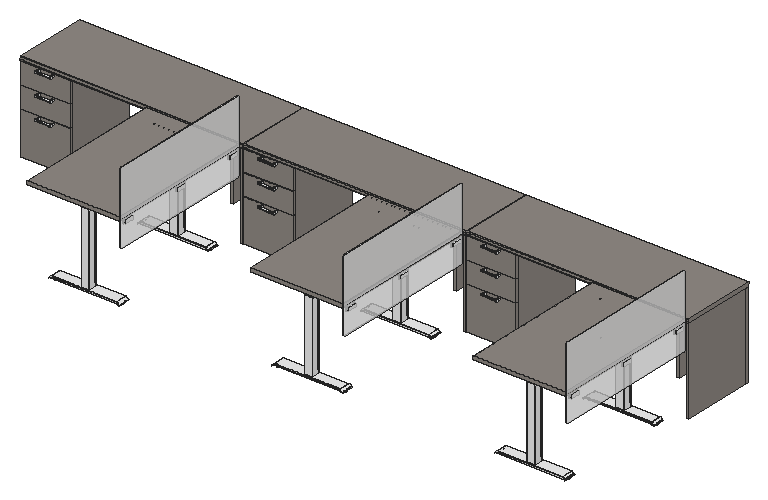
Revit family "JSI-Vision-Typical_Veneer-VST109-", category Furniture, Revit 2020
Family settings
  OmniClass Number = 23.40.20.00
  OmniClass Title = General Furniture and Specialties
  Work Plane-Based = No
  Always vertical = Yes
  Cut with Voids When Loaded = No
  Shared = No
  Room Calculation Point = No
Parameters (values of type "VST109")
  URL = "www.jsifurniture.com"
  Type Comments = "Typical Laminate"  # constant formula
  Model = "VST109"
  Manufacturer = "JSI"  # constant formula
  Keynote = "12500"
  Default Elevation = 0"
  Assembly Code = "E2020200"
Reference planes (in)
  plane 1 "Center Front/Back": y = 0
  plane 2: z = 0
  plane 3 "Center Left/Right": x = 0
Dimensions and locks (in)
  aligned and locked: level to plane 2
Nested families (in)
  nested 1: "JSI-Vision-Adjustable_Table_Standard_Range" at (-0.75, -24.75, 0) x (0, -1, 0) z (0, 0, 1), type "VSV3048AHTD-S - Adjustable Height Table Standard Range 48"W x 30"D x 30"H"
  nested 2: "JSI-Vision-Modular_Box_Box_File_Pedestal" at (-72, 0, 0), type "VSV1624MBBF, Veneer Modular BBF Ped"
    with Ped Width 15.996", Ped Height 27.996", Ped Depth 24"
  nested 3: "JSI-Vision-Modular_Wing_End_Support" at (-16, 0, 0), type "VSV1624WEAR, Wing End Sup - Right"
    with Pnl Pstn 15 1/8", L no, Depth 24"
  nested 4: "JSI-Vision-Credenza_Top" at (-72, 0, 28), type "VSV2472MCT, Veneer Credenza Top, 24" x 72""
    with Height 0", Width 72", Depth 24"
  nested 5: "JSI-Vision-Adjustable_Table_Standard_Range" at (-72.8115, -24.75, 0) x (0, -1, 0) z (0, 0, 1), type "VSV3048AHTD-S - Adjustable Height Table Standard Range 48"W x 30"D x 30"H"
  nested 6: "JSI-Vision-Modular_Box_Box_File_Pedestal" at (-144.0615, 0, 0), type "VSV1624MBBF, Veneer Modular BBF Ped"
    with Ped Width 15.996", Ped Height 27.996", Ped Depth 24"
  nested 7: "JSI-Vision-Modular_Wing_End_Support" at (-88.0615, 0, 0), type "VSV1624WEAR, Wing End Sup - Right"
    with Pnl Pstn 15 1/8", L no, Depth 24"
  nested 8: "JSI-Vision-Credenza_Top" at (-144.0615, 0, 28), type "VSV2472MCT, Veneer Credenza Top, 24" x 72""
    with Height 0", Width 72", Depth 24"
  nested 9: "JSI-Vision-Adjustable_Table_Standard_Range" at (-144.93451, -24.75, 0) x (0, -1, 0) z (0, 0, 1), type "VSV3048AHTD-S - Adjustable Height Table Standard Range 48"W x 30"D x 30"H"
  nested 10: "JSI-Vision-Modular_Box_Box_File_Pedestal" at (-216.18451, 0, 0), type "VSV1624MBBF, Veneer Modular BBF Ped"
    with Ped Width 15.996", Ped Height 27.996", Ped Depth 24"
  nested 11: "JSI-Vision-Modular_Wing_End_Support" at (-160.18451, 0, 0), type "VSV1624WEAR, Wing End Sup - Right"
    with Pnl Pstn 15 1/8", L no, Depth 24"
  nested 12: "JSI-Vision-Credenza_Top" at (-216.18451, 0, 28), type "VSV2472MCT, Veneer Credenza Top, 24" x 72""
    with Height 0", Width 72", Depth 24"
  nested 13: "JSI-Vision-Lok_Frosted_Acrylic_Privacy_Screen" at (-144.93451, -24.75, -2) x (0, -1, 0) z (0, 0, 1), type "LK-PSP-4824A, Lok Frosted Acrylic Privacy Screen - 48w x 23 3/4h"
  nested 14: "JSI-Vision-Lok_Frosted_Acrylic_Privacy_Screen" at (-72.8115, -24.75, -2) x (0, -1, 0) z (0, 0, 1), type "LK-PSP-4824A, Lok Frosted Acrylic Privacy Screen - 48w x 23 3/4h"
  nested 15: "JSI-Vision-Lok_Frosted_Acrylic_Privacy_Screen" at (-0.75, -24.75, -2) x (0, -1, 0) z (0, 0, 1), type "LK-PSP-4824A, Lok Frosted Acrylic Privacy Screen - 48w x 23 3/4h"
Definition of nested family "JSI-Vision-Adjustable_Table_Standard_Range"
  Parameters (values of type "VST3048AHTD-S - Adjustable Height Table Standard Range 48"W x 30"D x 30"H")
    Width = 48"
    Upper Leg Finish = none
    URL = "www.jsifurniture.com"
    Type Comments = ""
    Top Finish = none
    Support Finish = none
    Series = "Vision Casegoods"  # constant formula
    Low Leg Finish = none
    Model = "VST3048AHTD-S"
    Material = ""
    Manufacturer = "JSI"  # constant formula
    Keynote = "12500"  # constant formula
    JSI Enviromental Website = "http://www.jsifurniture.com/jsi_sustainability_intro.php"
    Height = 29 3/16"
    Glide Finish = none
    Feet Finish = none
    Description = "Adjustable Height Table Desk Standard Range Laminate - 30”H x 30”D x 48”W"
    Depth = 30"
    Default Elevation = 0"
    Assembly Code = "E2020200"
    Adj Post Finish = none
  Types (6): name | Width | Model | Description
    VST3072AHTD-S - Adjustable Height Table Standard Range 72"W x 30"D x 30"H | 72" | "VST3072AHTD-S" | "Adjustable Height Table Desk Standard Range Laminate - 30”H x 30”D x 72”W"
    VSV3072AHTD-S - Adjustable Height Table Standard Range 72"W x 30"D x 30"H | 72" | "VSV3072AHTD-S" | "Adjustable Height Table Desk Standard Range Veneer - 30”H x 30”D x 72”W"
    VST3060AHTD-S - Adjustable Height Table Standard Range 60"W x 30"D x 30"H | 60" | "VST3060AHTD-S" | "Adjustable Height Table Desk Standard Range Laminate - 30”H x 30”D x 60”W"
    VSV3060AHTD-S - Adjustable Height Table Standard Range 60"W x 30"D x 30"H | 60" | "VSV3060AHTD-S" | "Adjustable Height Table Desk Standard Range Veneer - 30”H x 30”D x 60”W"
    VST3048AHTD-S - Adjustable Height Table Standard Range 48"W x 30"D x 30"H | 48" | "VST3048AHTD-S" | "Adjustable Height Table Desk Standard Range Laminate - 30”H x 30”D x 48”W"
    VSV3048AHTD-S - Adjustable Height Table Standard Range 48"W x 30"D x 30"H | 48" | "VSV3048AHTD-S" | "Adjustable Height Table Desk Standard Range Veneer - 30”H x 30”D x 48”W"
  Reference planes (in)
    plane 1 "Center Front/Back": y = 0
    plane 2: z = 0
    plane 3 "Center Left/Right": x = 0
    plane 4: z = 29.1875
    plane 5: z = 28
    plane 6: x = 48
    plane 7: y = -30
    plane 8: y = -15
  Forms (in)
    Extrusion 1, solid, material <- "Top Finish"
      sketch origin (0, 0, 0) x (0, 1, 0) y (0, 0, 1)
        loop
          arc (-29.88189, 29.1875) -> (-29.96256, 29.15006) -> (-30, 29.06939) r 0.12937
          line (-30, 29.06939) -> (-30, 28.11811)
          arc (-30, 28.11811) -> (-29.96256, 28.03744) -> (-29.88189, 28) r 0.12937
          line (-29.88189, 28) -> (-29.72106, 28) -> (-0.27894, 28) -> (-0.11811, 28)
          arc (-0.11811, 28) -> (-0.03744, 28.03744) -> (0, 28.11811) r 0.12937
          line (0, 28.11811) -> (0, 29.06939)
          arc (0, 29.06939) -> (-0.03744, 29.15006) -> (-0.11811, 29.1875) r 0.12937
          line (-0.11811, 29.1875) -> (-29.88189, 29.1875)
      from 0 to 48
  Lines and regions (in)
    symbolic lines
      curve 1: line (0, 0, 0) -> (48, 0, 0)
      curve 2: line (0, -30, 0) -> (0, 0, 0)
      curve 3: line (48, -30, 0) -> (0, -30, 0)
      curve 4: line (48, 0, 0) -> (48, -30, 0)
  Dimensions and locks (in)
    "Height": plane 4 to level
    locked: plane 4 to plane 5 at 1.1875
    "Width": plane 3 "Center Left/Right" to plane 6
    "Depth": plane 1 "Center Front/Back" to plane 7
    equal spacing: plane 1 "Center Front/Back", plane 8, plane 7
    aligned and locked: level to plane 2
    aligned and locked: plane 3 "Center Left/Right" to nested 1
    aligned and locked: nested 1 to plane 8
    aligned and locked: plane 4 to Extrusion 1 sketch curve
    aligned and locked: Extrusion 1 sketch curve to plane 5
    aligned and locked: Extrusion 1 sketch curve to plane 1 "Center Front/Back"
    aligned and locked: Extrusion 1 sketch curve to plane 7
    aligned and locked: Extrusion 1 to plane 3 "Center Left/Right"
    aligned and locked: Extrusion 1 to plane 6
    aligned and locked: plane 7 to curve 3
    aligned and locked: plane 1 "Center Front/Back" to curve 1
    aligned and locked: plane 3 "Center Left/Right" to curve 2
    aligned and locked: plane 6 to curve 4
  Automatic sketch dimensions
    plane 7 to Extrusion 1 sketch curve = 0.11811"  (x2)
    Extrusion 1 sketch curve to plane 5 = 0"  (x2)
    plane 7 to Extrusion 1 sketch curve = 33/256"  (x2)
    Extrusion 1 sketch curve to Extrusion 1 sketch curve = 0.16082"
    plane 1 "Center Front/Back" to Extrusion 1 sketch curve = 0.27894"
    plane 1 "Center Front/Back" to Extrusion 1 sketch curve = 33/256"  (x2)
    plane 1 "Center Front/Back" to Extrusion 1 sketch curve = 0.11811"  (x2)
    plane 5 to Extrusion 1 sketch curve = 0.11811"  (x2)
    Extrusion 1 sketch curve to plane 4 = 33/256"  (x2)
  Nested families (in)
    nested 1: "Adj Base" at (0, -15, 0), Height <- "Height", W Top <- "Width", Adj Post Finish <- "Adj Post Finish", Feet Finish <- "Feet Finish", Glide Finish <- "Glide Finish", Low Leg Finish <- "Low Leg Finish", Support Finish <- "Support Finish", Upper Leg Finish <- "Upper Leg Finish", type "Adj Base"
      with W Top 48", Upper Leg Finish none, Support Finish none, Low Leg Finish none, Height 29 3/16", Glide Finish none, Feet Finish none, Adj Post Finish none
  Definition of nested family "Adj Base"
    Parameters (values of type "Adj Base")
      W Top [instance] = 72"
      Upper Leg Finish [instance] = none
      Support Finish [instance] = none
      Low Leg Finish [instance] = none
      Height [instance] = 29 1/2"
      Glide Finish [instance] = none
      Feet Finish [instance] = none
      Default Elevation = 0"
      Adj Post Finish [instance] = none
    Reference planes (in)
      plane 1 "Center (Front/Back)": y = 0
      plane 2: z = 0
      plane 3 "Center (Left/Right)": x = 0
      plane 4: z = 29.5
      plane 5: x = 72
      plane 6: z = 28.3125
      plane 7: x = 6.09647
      plane 8: x = 65.90353
    Forms (in)
      Extrusion 1, solid, material <- "Support Finish"
        sketch origin (1.67343, 0, 0) x (-1, 0, 0) y (0, 0, 1)
          loop
            line (-2.26388, 26.15894) -> (-2.26388, 28.00935) -> (-10.9253, 28.00935) -> (-10.9253, 27.73435) -> (-10.3632, 27.73435) -> (-9.86301, 26.15894) -> (-2.26388, 26.15894)
          loop
            line (-66.38926, 26.15894) -> (-58.79012, 26.15894) -> (-58.28994, 27.73435) -> (-57.72784, 27.73435) -> (-57.72784, 28.00935) -> (-66.38926, 28.00935) -> (-66.38926, 26.15894)
        from -1.89028 to 1.90897
      Extrusion 2, solid, material <- "Support Finish"
        sketch origin (8.68126, 0, 0) x (0, 1, 0) y (0, 0, 1)
          loop
            arc (2.60827, 26.81644) -> (2.67785, 26.84526) -> (2.70667, 26.91484) r 0.0984
            line (2.70667, 26.91484) -> (2.70667, 28.09931)
            arc (2.70667, 28.09931) -> (2.67882, 28.16654) -> (2.61158, 28.19439) r 0.09508
            line (2.61158, 28.19439) -> (2.01307, 28.19439)
            arc (2.01307, 28.19439) -> (1.94678, 28.16693) -> (1.91932, 28.10064) r 0.09375
            line (1.91932, 28.10064) -> (1.91932, 26.91484)
            arc (1.91932, 26.91484) -> (1.94814, 26.84526) -> (2.01772, 26.81644) r 0.0984
            line (2.01772, 26.81644) -> (2.60827, 26.81644)
          loop
            line (-2.60827, 26.81644) -> (-2.01772, 26.81644)
            arc (-2.01772, 26.81644) -> (-1.94814, 26.84526) -> (-1.91932, 26.91484) r 0.0984
            line (-1.91932, 26.91484) -> (-1.91932, 28.10064)
            arc (-1.91932, 28.10064) -> (-1.94678, 28.16693) -> (-2.01307, 28.19439) r 0.09375
            line (-2.01307, 28.19439) -> (-2.61158, 28.19439)
            arc (-2.61158, 28.19439) -> (-2.67882, 28.16654) -> (-2.70667, 28.09931) r 0.09508
            line (-2.70667, 28.09931) -> (-2.70667, 26.91484)
            arc (-2.70667, 26.91484) -> (-2.67785, 26.84526) -> (-2.60827, 26.81644) r 0.0984
        from -5.06315 to 15.07466
      Extrusion 3, solid, material <- "Support Finish"
        sketch origin (1.70596, 0, 0) x (0, 1, 0) y (0, 0, 1)
          loop
            arc (2.50984, 27.32825) -> (2.59335, 27.36284) -> (2.62794, 27.44635) r 0.1181
            line (2.62794, 27.44635) -> (2.62794, 27.99755)
            arc (2.62794, 27.99755) -> (2.59335, 28.08106) -> (2.50984, 28.11565) r 0.1181
            line (2.50984, 28.11565) -> (2.15551, 28.11565)
            arc (2.15551, 28.11565) -> (2.072, 28.08106) -> (2.03741, 27.99755) r 0.1181
            line (2.03741, 27.99755) -> (2.03741, 27.44635)
            arc (2.03741, 27.44635) -> (2.072, 27.36284) -> (2.15551, 27.32825) r 0.1181
            line (2.15551, 27.32825) -> (2.50984, 27.32825)
          loop
            arc (-2.15551, 27.32825) -> (-2.072, 27.36284) -> (-2.03741, 27.44635) r 0.1181
            line (-2.03741, 27.44635) -> (-2.03741, 27.99755)
            arc (-2.03741, 27.99755) -> (-2.072, 28.08106) -> (-2.15551, 28.11565) r 0.1181
            line (-2.15551, 28.11565) -> (-2.50984, 28.11565)
            arc (-2.50984, 28.11565) -> (-2.59335, 28.08106) -> (-2.62794, 27.99755) r 0.1181
            line (-2.62794, 27.99755) -> (-2.62794, 27.44635)
            arc (-2.62794, 27.44635) -> (-2.59335, 27.36284) -> (-2.50984, 27.32825) r 0.1181
            line (-2.50984, 27.32825) -> (-2.15551, 27.32825)
        from 16.18381 to 52.40428
      Extrusion 4, solid, material <- "Feet Finish"
        sketch origin (3.34686, 0, 0) x (0, 1, 0) y (0, 0, 1)
          loop
            line (10.52318, 1.16069) -> (-10.52318, 1.16069)
            arc (-10.52318, 1.16069) -> (-10.60868, 1.14561) -> (-10.68388, 1.1022) r 0.25
            line (-10.68388, 1.1022) -> (-11.48879, 0.4268) -> (-11.40022, 0.32124) -> (-10.59879, 0.99371)
            arc (-10.59879, 0.99371) -> (-10.56128, 1.01537) -> (-10.51862, 1.02289) r 0.12472
            line (-10.51862, 1.02289) -> (10.51852, 1.02289)
            arc (10.51852, 1.02289) -> (10.56128, 1.01536) -> (10.59887, 0.99365) r 0.125
            line (10.59887, 0.99365) -> (11.40022, 0.32124) -> (11.48879, 0.4268) -> (10.68388, 1.1022)
            arc (10.68388, 1.1022) -> (10.60869, 1.14561) -> (10.52318, 1.16069) r 0.25
        from 0.93859 to 4.56063
      Extrusion 5, solid, material <- "Feet Finish"
        sketch origin (3.34686, 0, 0) x (0, 1, 0) y (0, 0, 1)
          loop
            line (-11.14173, 0.39297) -> (11.14173, 0.39297) -> (11.14173, 0.53813) -> (10.59887, 0.99365)
            arc (10.59887, 0.99365) -> (10.56128, 1.01535) -> (10.51852, 1.02289) r 0.125
            line (10.51852, 1.02289) -> (-10.51862, 1.02289)
            arc (-10.51862, 1.02289) -> (-10.56128, 1.01537) -> (-10.59879, 0.99371) r 0.12472
            line (-10.59879, 0.99371) -> (-11.14173, 0.53813) -> (-11.14173, 0.39297)
        from 1.19449 to 4.30473
      Extrusion 6, solid, material <- "Feet Finish"
        sketch origin (12.34686, 0, 0) x (0, 1, 0) y (0, 0, 1)
          loop
            line (10.52318, 1.16069) -> (-10.52318, 1.16069)
            arc (-10.52318, 1.16069) -> (-10.60868, 1.14561) -> (-10.68388, 1.1022) r 0.25
            line (-10.68388, 1.1022) -> (-11.48879, 0.4268) -> (-11.40022, 0.32124) -> (-10.59879, 0.99371)
            arc (-10.59879, 0.99371) -> (-10.56128, 1.01537) -> (-10.51862, 1.02289) r 0.12472
            line (-10.51862, 1.02289) -> (10.51852, 1.02289)
            arc (10.51852, 1.02289) -> (10.56128, 1.01536) -> (10.59887, 0.99365) r 0.125
            line (10.59887, 0.99365) -> (11.40022, 0.32124) -> (11.48879, 0.4268) -> (10.68388, 1.1022)
            arc (10.68388, 1.1022) -> (10.60869, 1.14561) -> (10.52318, 1.16069) r 0.25
        from 51.74564 to 55.473
      Extrusion 7, solid, material <- "Low Leg Finish"
        sketch origin (0, 0, 0) x (1, 0, 0) y (0, 1, 0)
          loop
            line (4.73819, 1.25984) -> (4.73819, -1.25984)
            arc (4.73819, -1.25984) -> (4.76702, -1.32944) -> (4.83661, -1.35827) r 0.09843
            line (4.83661, -1.35827) -> (7.3563, -1.35827)
            arc (7.3563, -1.35827) -> (7.4259, -1.32944) -> (7.45472, -1.25984) r 0.09843
            line (7.45472, -1.25984) -> (7.45472, 1.25984)
            arc (7.45472, 1.25984) -> (7.4259, 1.32944) -> (7.3563, 1.35827) r 0.09843
            line (7.3563, 1.35827) -> (4.83661, 1.35827)
            arc (4.83661, 1.35827) -> (4.76702, 1.32944) -> (4.73819, 1.25984) r 0.09843
          loop
            arc (67.26181, 1.25984) -> (67.23298, 1.32944) -> (67.16339, 1.35827) r 0.09843
            line (67.16339, 1.35827) -> (64.6437, 1.35827)
            arc (64.6437, 1.35827) -> (64.5741, 1.32944) -> (64.54528, 1.25984) r 0.09843
            line (64.54528, 1.25984) -> (64.54528, -1.25984)
            arc (64.54528, -1.25984) -> (64.5741, -1.32944) -> (64.6437, -1.35827) r 0.09843
            line (64.6437, -1.35827) -> (67.16339, -1.35827)
            arc (67.16339, -1.35827) -> (67.23298, -1.32944) -> (67.26181, -1.25984) r 0.09843
            line (67.26181, -1.25984) -> (67.26181, 1.25984)
        from 1.16069 to 24.23031
      Extrusion 8, solid, material <- "Upper Leg Finish"
        sketch origin (0, 0, 0) x (1, 0, 0) y (0, 1, 0)
          loop
            line (7.16929, 1.17126) -> (5.02362, 1.17126)
            arc (5.02362, 1.17126) -> (4.95402, 1.14243) -> (4.9252, 1.07283) r 0.09843
            line (4.9252, 1.07283) -> (4.9252, -1.07283)
            arc (4.9252, -1.07283) -> (4.95402, -1.14243) -> (5.02362, -1.17126) r 0.09843
            line (5.02362, -1.17126) -> (7.16929, -1.17126)
            arc (7.16929, -1.17126) -> (7.23889, -1.14243) -> (7.26772, -1.07283) r 0.09843
            line (7.26772, -1.07283) -> (7.26772, 1.07283)
            arc (7.26772, 1.07283) -> (7.23889, 1.14243) -> (7.16929, 1.17126) r 0.09843
          loop
            arc (64.83071, 1.17126) -> (64.76111, 1.14243) -> (64.73228, 1.07283) r 0.09843
            line (64.73228, 1.07283) -> (64.73228, -1.07283)
            arc (64.73228, -1.07283) -> (64.76111, -1.14243) -> (64.83071, -1.17126) r 0.09843
            line (64.83071, -1.17126) -> (67.04524, -1.17126)
            arc (67.04524, -1.17126) -> (67.09765, -1.14955) -> (67.11936, -1.09714) r 0.07412
            line (67.11936, -1.09714) -> (67.11936, 1.02828)
            arc (67.11936, 1.02828) -> (67.07748, 1.12938) -> (66.97638, 1.17126) r 0.14298
            line (66.97638, 1.17126) -> (64.83071, 1.17126)
        from 2.77313 to 26.15894
      Extrusion 9, solid, material <- "Support Finish"
        sketch origin (0, 0, 0) x (1, 0, 0) y (0, 0, 1)
          loop
            line (3.5, 26.14715) -> (3.61811, 26.14715) -> (3.61811, 28.15745)
            arc (3.61811, 28.15745) -> (3.62893, 28.18357) -> (3.65505, 28.19439) r 0.03694
            line (3.65505, 28.19439) -> (5.0748, 28.19439) -> (5.0748, 28.3125) -> (3.65534, 28.3125)
            arc (3.65534, 28.3125) -> (3.5455, 28.267) -> (3.5, 28.15716) r 0.15534
            line (3.5, 28.15716) -> (3.5, 26.14715)
          loop
            line (68.5, 26.14715) -> (68.5, 28.15716)
            arc (68.5, 28.15716) -> (68.4545, 28.267) -> (68.34466, 28.3125) r 0.15534
            line (68.34466, 28.3125) -> (66.9252, 28.3125) -> (66.9252, 28.19439) -> (68.34495, 28.19439)
            arc (68.34495, 28.19439) -> (68.37107, 28.18357) -> (68.38189, 28.15745) r 0.03694
            line (68.38189, 28.15745) -> (68.38189, 26.14715) -> (68.5, 26.14715)
        from -10.14567 to 10.14567
      Extrusion 10, void
        sketch origin (0, 0, 0) x (0, 1, 0) y (0, 0, 1)
          loop
            line (-9.64567, 28.65728) -> (-10.14567, 28.65728) -> (-10.14567, 25.65728) -> (10.14567, 25.65728) -> (10.14567, 28.65728) -> (9.64567, 28.65728) -> (9.64567, 27.93724)
            arc (9.64567, 27.93724) -> (9.53149, 27.61921) -> (9.2411, 27.44643) r 0.5
            line (9.2411, 27.44643) -> (2.76152, 26.18651)
            arc (2.76152, 26.18651) -> (2.61903, 26.16585) -> (2.47521, 26.15894) r 1.5
            line (2.47521, 26.15894) -> (-2.47521, 26.15894)
            arc (-2.47521, 26.15894) -> (-2.61903, 26.16585) -> (-2.76152, 26.18651) r 1.5
            line (-2.76152, 26.18651) -> (-9.2411, 27.44643)
            arc (-9.2411, 27.44643) -> (-9.53149, 27.61921) -> (-9.64567, 27.93724) r 0.5
            line (-9.64567, 27.93724) -> (-9.64567, 28.65728)
        from 1.99619 to 70.00235
      Extrusion 11, solid, material <- "Support Finish"
        sketch origin (60.8427, 0, 0) x (0, 1, 0) y (0, 0, -1)
          loop
            line (-2.01772, -26.81644) -> (-2.61292, -26.81644)
            arc (-2.61292, -26.81644) -> (-2.67921, -26.8439) -> (-2.70667, -26.91019) r 0.09375
            line (-2.70667, -26.91019) -> (-2.70667, -28.10064)
            arc (-2.70667, -28.10064) -> (-2.67921, -28.16693) -> (-2.61292, -28.19439) r 0.09375
            line (-2.61292, -28.19439) -> (-2.0144, -28.19439)
            arc (-2.0144, -28.19439) -> (-1.94717, -28.16654) -> (-1.91932, -28.09931) r 0.09508
            line (-1.91932, -28.09931) -> (-1.91932, -26.91484)
            arc (-1.91932, -26.91484) -> (-1.94814, -26.84526) -> (-2.01772, -26.81644) r 0.0984
          loop
            line (2.60827, -26.81644) -> (2.0132, -26.81644)
            arc (2.0132, -26.81644) -> (1.94682, -26.84394) -> (1.91932, -26.91032) r 0.09389
            line (1.91932, -26.91032) -> (1.91932, -28.09931)
            arc (1.91932, -28.09931) -> (1.94717, -28.16654) -> (2.0144, -28.19439) r 0.09508
            line (2.0144, -28.19439) -> (2.61292, -28.19439)
            arc (2.61292, -28.19439) -> (2.67921, -28.16693) -> (2.70667, -28.10064) r 0.09375
            line (2.70667, -28.10064) -> (2.70667, -26.91484)
            arc (2.70667, -26.91484) -> (2.67785, -26.84526) -> (2.60827, -26.81644) r 0.0984
        from -7.53919 to 12.59862
      Revolve 12, solid, material <- "Glide Finish"
        sketch origin (0, -10.27559, 0) x (1, 0, 0) y (0, 0, 1)
          loop
            line (6.09647, 0.94489) -> (5.93882, 0.94489) -> (5.93882, 0.39297) -> (5.30863, 0.39297) -> (5.11222, 0.19657) -> (5.11222, 0) -> (6.09647, 0) -> (6.09647, 0.94489)
          axis (6.09647, 0.94489) -> (6.09647, 0)
        angle from 0 to 360
      Revolve 13, solid, material <- "Glide Finish"
        sketch origin (0, 10.27547, 0) x (1, 0, 0) y (0, 0, 1)
          loop
            line (6.09647, 0.94489) -> (5.93882, 0.94489) -> (5.93882, 0.39297) -> (5.30863, 0.39297) -> (5.11222, 0.19657) -> (5.11222, 0) -> (6.09647, 0) -> (6.09647, 0.94489)
          axis (6.09647, 0.94489) -> (6.09647, 0)
        angle from 0 to 360
      Revolve 14, solid, material <- "Glide Finish"
        sketch origin (59.80705, -10.27559, 0) x (1, 0, 0) y (0, 0, 1)
          loop
            line (6.09647, 0.94489) -> (5.93882, 0.94489) -> (5.93882, 0.39297) -> (5.30863, 0.39297) -> (5.11222, 0.19657) -> (5.11222, 0) -> (6.09647, 0) -> (6.09647, 0.94489)
          axis (6.09647, 0.94489) -> (6.09647, 0)
        angle from 0 to 360
      Revolve 15, solid, material <- "Glide Finish"
        sketch origin (59.80705, 10.27547, 0) x (1, 0, 0) y (0, 0, 1)
          loop
            line (6.09647, 0.94489) -> (5.93882, 0.94489) -> (5.93882, 0.39297) -> (5.30863, 0.39297) -> (5.11222, 0.19657) -> (5.11222, 0) -> (6.09647, 0) -> (6.09647, 0.94489)
          axis (6.09647, 0.94489) -> (6.09647, 0)
        angle from 0 to 360
      Extrusion 16, solid, material <- "Feet Finish"
        sketch origin (63.15392, 0, 0) x (0, 1, 0) y (0, 0, 1)
          loop
            line (-11.14173, 0.39297) -> (11.14173, 0.39297) -> (11.14173, 0.53813) -> (10.59887, 0.99365)
            arc (10.59887, 0.99365) -> (10.56128, 1.01535) -> (10.51852, 1.02289) r 0.125
            line (10.51852, 1.02289) -> (-10.51862, 1.02289)
            arc (-10.51862, 1.02289) -> (-10.56128, 1.01537) -> (-10.59879, 0.99371) r 0.12472
            line (-10.59879, 0.99371) -> (-11.14173, 0.53813) -> (-11.14173, 0.39297)
        from 1.19449 to 4.30473
    Cuts and joins
      Extrusion 10 cuts Extrusion 9
    Lines and regions (in)
      symbolic lines
        curve 1: line (7.9075, 11.48879, 0) -> (4.28545, 11.48879, 0)
        curve 2: line (7.9075, -11.48879, 0) -> (7.9075, 11.48879, 0)
        curve 3: line (4.28545, -11.48879, 0) -> (7.9075, -11.48879, 0)
        curve 4: line (4.28545, 11.48879, 0) -> (4.28545, 9.64567, 0)
        curve 5: line (67.81987, 11.48879, 0) -> (64.0925, 11.48879, 0)
        curve 6: line (67.81987, 9.64567, 0) -> (67.81987, 11.48879, 0)
        curve 7: line (64.0925, -11.48879, 0) -> (67.81987, -11.48879, 0)
        curve 8: line (64.0925, 11.48879, 0) -> (64.0925, -11.48879, 0)
        curve 9: line (3.5, 9.64567, 0) -> (5.0748, 9.64567, 0)
        curve 10: line (3.5, -9.64567, 0) -> (3.5, 9.64567, 0)
        curve 11: line (5.0748, -9.64567, 0) -> (3.5, -9.64567, 0)
        curve 12: line (5.0748, 9.64567, 0) -> (5.0748, -9.64567, 0)
        curve 13: line (68.5, 9.64567, 0) -> (66.9252, 9.64567, 0)
        curve 14: line (68.5, -9.64567, 0) -> (68.5, 9.64567, 0)
        curve 15: line (66.9252, -9.64567, 0) -> (68.5, -9.64567, 0)
        curve 16: line (66.9252, 9.64567, 0) -> (66.9252, -9.64567, 0)
        curve 17: line (66.9252, 2.70667, 0) -> (48.24408, 2.70667, 0)
        curve 18: line (48.24408, 2.70667, 0) -> (48.24408, 1.91932, 0)
        curve 19: line (48.24408, 1.91932, 0) -> (66.9252, 1.91932, 0)
        curve 20: line (66.9252, -1.92113, 0) -> (48.24408, -1.91932, 0)
        curve 21: line (48.24408, -1.91932, 0) -> (48.24408, -2.70667, 0)
        curve 22: line (48.24408, -2.70667, 0) -> (66.9252, -2.70667, 0)
        curve 23: line (23.75592, 2.70667, 0) -> (23.75592, 1.91932, 0)
        curve 24: line (23.75592, 1.91932, 0) -> (5.0748, 1.91932, 0)
        curve 25: line (23.75592, 2.70667, 0) -> (5.0748, 2.70667, 0)
        curve 26: line (23.75592, -1.91932, 0) -> (5.0748, -1.91932, 0)
        curve 27: line (23.75592, -2.70667, 0) -> (5.0748, -2.70667, 0)
        curve 28: line (23.75592, -1.91932, 0) -> (23.75592, -2.70667, 0)
        curve 29: line (4.28545, -11.48879, 0) -> (4.28545, -9.64567, 0)
        curve 30: line (67.81987, -11.48879, 0) -> (67.81987, -9.64567, 0)
        curve 31: line (23.75592, 2.62798, 0) -> (48.24408, 2.62798, 0)
        curve 32: line (23.75592, 2.03782, 0) -> (48.24408, 2.03782, 0)
        curve 33: line (23.75592, -2.03689, 0) -> (48.24408, -2.03689, 0)
        curve 34: line (23.75592, -2.6279, 0) -> (48.24408, -2.6279, 0)
    Dimensions and locks (in)
      "Height": plane 2 to plane 4
      Extrusion 1 sketch curve to Extrusion 1 sketch curve to Extrusion 1 sketch curve to plane 4 = 1.57541" locked, 0.275", 1.49065"
      Extrusion 4 sketch curve to Extrusion 4 sketch curve to Extrusion 4 sketch curve to Extrusion 4 sketch curve to plane 1 "Center (Front/Back)" to Extrusion 4 sketch curve to Extrusion 4 sketch curve to Extrusion 4 sketch curve to Extrusion 4 sketch curve = 0.08857" locked, 0.87704" locked, 0.00456" locked, 10.51862" locked, 10.51852" locked, 0.00466" locked, 0.87704" locked, 0.08857" locked
      plane 2 to Extrusion 4 sketch curve to Extrusion 4 sketch curve to Extrusion 4 sketch curve to Extrusion 4 sketch curve to Extrusion 4 sketch curve to Extrusion 4 sketch curve = 0.32124" locked, 0.10556" locked, 0.4711" locked, 0.0128" locked, 0.1122" locked, 0.1378" locked
      Extrusion 4 to Extrusion 5 to plane 7 to Extrusion 5 to Extrusion 4 to plane 3 "Center (Left/Right)" = 0.25591" locked, 1.55512" locked, 1.55512" locked, 0.25591" locked, 4.28545" locked
      plane 2 to Extrusion 5 sketch curve to Extrusion 5 sketch curve = 0.39297" locked, 0.62992" locked
      Extrusion 5 sketch curve to plane 1 "Center (Front/Back)" to Extrusion 5 sketch curve = 11.14173" locked, 11.14173" locked
      Extrusion 6 sketch curve to Extrusion 6 sketch curve to Extrusion 6 sketch curve to Extrusion 6 sketch curve to Extrusion 6 sketch curve to Extrusion 6 sketch curve to Extrusion 6 sketch curve to Extrusion 6 sketch curve = 0.08857" locked, 0.87704" locked, 0.00456" locked, 21.03715", 0.00466" locked, 0.87704" locked, 0.08857" locked
      Extrusion 6 sketch curve to Extrusion 6 sketch curve to Extrusion 6 sketch curve to Extrusion 6 sketch curve to Extrusion 6 sketch curve to Extrusion 6 sketch curve = 0.10556" locked, 0.4711" locked, 0.0128" locked, 0.1122" locked, 0.1378" locked
      plane 5 to Extrusion 6 to Extrusion 16 to plane 8 to Extrusion 16 to Extrusion 6 = 4.18013" locked, 0.36123" locked, 1.55512" locked, 1.55512" locked, 0.25591" locked
      Extrusion 7 sketch curve to plane 1 "Center (Front/Back)" to Extrusion 7 sketch curve = 1.25984" locked, 1.25984" locked  (x2)
      Extrusion 7 sketch curve to Extrusion 7 sketch curve to plane 3 "Center (Left/Right)" = 2.51969" locked, 4.83661" locked
      Extrusion 7 sketch curve to Extrusion 7 sketch curve to plane 5 = 2.51969" locked, 4.83661" locked
      locked: Extrusion 7 to plane 2 at 24.23031
      Extrusion 8 sketch curve to Extrusion 8 sketch curve to plane 5 = 2.14567" locked, 5.02362" locked
      Extrusion 8 sketch curve to Extrusion 8 sketch curve to plane 3 "Center (Left/Right)" = 2.14567" locked, 5.02362" locked
      Extrusion 8 sketch curve to plane 1 "Center (Front/Back)" to Extrusion 8 sketch curve = 1.07283" locked, 1.07283" locked
      Extrusion 1 sketch curve to Extrusion 1 sketch curve to Extrusion 1 sketch curve to plane 4 = 1.57541" locked, 0.275" locked, 1.49065" locked
      Extrusion 1 sketch curve to Extrusion 1 sketch curve to Extrusion 1 sketch curve to Extrusion 1 sketch curve to plane 3 "Center (Left/Right)" = 0.5621" locked, 0.50019" locked, 7.59913" locked, 3.93731" locked
      plane 5 to Extrusion 1 sketch curve to Extrusion 1 sketch curve to Extrusion 1 sketch curve = 3.93731" locked, 7.59913" locked, 1.06228" locked
      Extrusion 2 sketch curve to Extrusion 2 sketch curve to Extrusion 2 sketch curve to Extrusion 2 sketch curve to plane 1 "Center (Front/Back)" to Extrusion 2 sketch curve to Extrusion 2 sketch curve to Extrusion 2 sketch curve to Extrusion 2 sketch curve = 0.09508" locked, 0.59852" locked, 3/32" locked, 1.91932" locked, 1.91932" locked, 3/32" locked, 0.59852" locked, 0.09508" locked
      locked: plane 4 to plane 6 at 1.1875
      Extrusion 8 to Extrusion 8 to plane 6 = 23.38581" locked, 2.15356" locked
      Extrusion 3 sketch curve to Extrusion 3 sketch curve to Extrusion 3 sketch curve to Extrusion 3 sketch curve to plane 1 "Center (Front/Back)" to Extrusion 3 sketch curve to Extrusion 3 sketch curve to Extrusion 3 sketch curve to Extrusion 3 sketch curve = 0.1181" locked, 0.35433" locked, 0.1181" locked, 2.03741" locked, 2.03741" locked, 0.1181" locked, 0.35433" locked, 0.1181" locked
      plane 6 to Extrusion 3 sketch curve to Extrusion 3 sketch curve to Extrusion 3 sketch curve to Extrusion 3 sketch curve = 0.19685" locked, 0.1181" locked, 0.5512" locked, 0.1181" locked
      Extrusion 9 sketch curve to Extrusion 9 sketch curve to Extrusion 9 sketch curve to Extrusion 9 sketch curve to plane 3 "Center (Left/Right)" = 1.41947" locked, 0.03723" locked, 0.11811" locked, 3 1/2" locked
      Extrusion 9 sketch curve to Extrusion 9 sketch curve to Extrusion 9 sketch curve to Extrusion 9 sketch curve to plane 5 = 1.41947" locked, 0.03723" locked, 0.11811" locked, 3 1/2" locked
      plane 6 to Extrusion 9 sketch curve to Extrusion 9 sketch curve to Extrusion 9 sketch curve = 0.11811" locked, 0.03723" locked, 2.01002" locked
      locked: plane 5 to Extrusion 10 at 1.99765
      locked: plane 3 "Center (Left/Right)" to Extrusion 10 at 1.99619
      Extrusion 10 sketch curve to plane 6 to Extrusion 10 sketch curve to Extrusion 10 sketch curve to Extrusion 10 sketch curve to Extrusion 10 sketch curve = 0.34478" locked, 0.37526" locked, 0.2783" locked, 1 1/2" locked, 0.50165" locked
      Extrusion 10 sketch curve to Extrusion 10 sketch curve to Extrusion 10 sketch curve to Extrusion 10 sketch curve to plane 1 "Center (Front/Back)" to Extrusion 10 sketch curve to Extrusion 10 sketch curve to Extrusion 10 sketch curve to Extrusion 10 sketch curve = 1/2" locked, 1/2" locked, 6.67046" locked, 2.47521" locked, 2.47521" locked, 6.67046" locked, 1/2" locked, 1/2" locked
      Extrusion 11 sketch curve to Extrusion 11 sketch curve to Extrusion 11 sketch curve to Extrusion 11 sketch curve to Extrusion 11 sketch curve to Extrusion 11 sketch curve to Extrusion 11 sketch curve to Extrusion 11 sketch curve = 3/32" locked, 0.59852" locked, 0.09508" locked, 3.83863" locked, 0.09508" locked, 0.59852" locked, 3/32" locked
      Extrusion 11 to Extrusion 3 to plane 5 = 5.86615" locked, 17.88976" locked
      Extrusion 2 to Extrusion 3 to plane 3 "Center (Left/Right)" = 5.86615" locked, 17.88976" locked
      Revolve 12 sketch curve to Revolve 12 sketch curve to Revolve 12 sketch curve to plane 7 = 0.1964" locked, 0.63019" locked, 0.15765" locked
      Revolve 13 sketch curve to Revolve 13 sketch curve to Revolve 13 sketch curve = 0.1964" locked, 0.63019" locked
      Revolve 13 to plane 1 "Center (Front/Back)" to Revolve 12 = 10.27547" locked, 10.27559" locked
      Revolve 14 sketch curve to Revolve 14 sketch curve to Revolve 14 sketch curve to plane 8 = 0.1964" locked, 0.63019" locked, 0.15765" locked
      Revolve 15 sketch curve to Revolve 15 sketch curve to Revolve 15 sketch curve = 0.1964" locked, 0.63019" locked
      Revolve 15 to Revolve 14 = 20.55106"
      Revolve 14 to plane 1 "Center (Front/Back)" to Revolve 15 = 10.27559" locked, 10.27547" locked
      locked: Extrusion 16 sketch curve to Extrusion 16 sketch curve at 0.62992
      Extrusion 16 sketch curve to plane 1 "Center (Front/Back)" to Extrusion 16 sketch curve = 11.14173" locked, 11.14173" locked
      "W Top": plane 3 "Center (Left/Right)" to plane 5
      locked: plane 3 "Center (Left/Right)" to plane 7 at 6.09647
      locked: plane 8 to plane 5 at 6.09647
      aligned and locked: plane 2 to level
      aligned and locked: Extrusion 7 to Extrusion 4
      aligned and locked: Extrusion 8 to Extrusion 1
      aligned and locked: Extrusion 3 sketch curve to Extrusion 3 sketch curve  (x2)
      aligned and locked: Extrusion 9 sketch curve to plane 6  (x2)
      aligned and locked: Extrusion 9 sketch curve to Extrusion 9 sketch curve  (x2)
      aligned and locked: Extrusion 2 to cut or joined group of Extrusion 9, Extrusion 10
      aligned and locked: Extrusion 10 sketch curve to Extrusion 10 sketch curve
      aligned and locked: Extrusion 11 to cut or joined group of Extrusion 9, Extrusion 10
      aligned and locked: plane 7 to Revolve 12 sketch curve
      aligned and locked: plane 8 to Revolve 14 sketch curve
      aligned and locked: curve 1 to Extrusion 4
      aligned and locked: curve 2 to Extrusion 4
      aligned and locked: curve 3 to Extrusion 4
      aligned and locked: curve 4 to Extrusion 4
      aligned and locked: curve 5 to Extrusion 6
      aligned and locked: Extrusion 6 to curve 6
      aligned and locked: curve 7 to Extrusion 6
      aligned and locked: curve 8 to Extrusion 6
      aligned and locked: curve 9 to cut or joined group of Extrusion 9, Extrusion 10
      aligned and locked: curve 10 to cut or joined group of Extrusion 9, Extrusion 10
      aligned and locked: cut or joined group of Extrusion 9, Extrusion 10 to curve 11
      aligned and locked: curve 12 to cut or joined group of Extrusion 9, Extrusion 10
      aligned and locked: curve 13 to cut or joined group of Extrusion 9, Extrusion 10
      aligned and locked: curve 14 to cut or joined group of Extrusion 9, Extrusion 10
      aligned and locked: curve 15 to cut or joined group of Extrusion 9, Extrusion 10
      aligned and locked: curve 16 to cut or joined group of Extrusion 9, Extrusion 10
      aligned and locked: Extrusion 2 to curve 31
      aligned and locked: Extrusion 2 to curve 32
      aligned and locked: Extrusion 11 to curve 31
      aligned and locked: Extrusion 11 to curve 32
      aligned and locked: Extrusion 2 to curve 33
      aligned and locked: Extrusion 2 to curve 34
      aligned and locked: Extrusion 11 to curve 33
      aligned and locked: Extrusion 11 to curve 34
    Automatic sketch dimensions
      Extrusion 3 sketch curve to Extrusion 3 sketch curve = 0.1181"  (x3)
      level to Extrusion 4 sketch curve = 1.1022"  (x2)
      Extrusion 4 sketch curve to Extrusion 4 sketch curve = 0.1607"  (x2)
      level to Extrusion 4 sketch curve = 0.99371"
      Extrusion 4 sketch curve to Extrusion 4 sketch curve = 0.07561"
      Extrusion 4 sketch curve to Extrusion 4 sketch curve = 0.08017"
      level to Extrusion 4 sketch curve = 0.99365"
      Extrusion 4 sketch curve to Extrusion 4 sketch curve = 0.09554"
      Extrusion 4 sketch curve to Extrusion 4 sketch curve = 0.01252"
      level to Extrusion 6 sketch curve = 0.4268"
      plane 1 "Center (Front/Back)" to Extrusion 6 sketch curve = 11.48879"
      level to Extrusion 6 sketch curve = 1.1022"  (x2)
      Extrusion 6 sketch curve to Extrusion 6 sketch curve = 0.1607"  (x2)
      level to Extrusion 6 sketch curve = 0.99371"
      Extrusion 6 sketch curve to Extrusion 6 sketch curve = 0.08017"
      level to Extrusion 6 sketch curve = 0.99365"
      Extrusion 6 sketch curve to Extrusion 6 sketch curve = 0.08035"
      level to Extrusion 16 sketch curve = 0.89789"
      level to Extrusion 16 sketch curve = 0.99365"
      Extrusion 16 sketch curve to Extrusion 16 sketch curve = 0.08035"
      Extrusion 16 sketch curve to Extrusion 16 sketch curve = 0.62321"
      Extrusion 16 sketch curve to Extrusion 16 sketch curve = 0.54294"
      Extrusion 16 sketch curve to Extrusion 16 sketch curve = 0.08017"
      Extrusion 16 sketch curve to Extrusion 16 sketch curve = 0.14516"  (x2)
      Extrusion 16 sketch curve to Extrusion 16 sketch curve = 0.12472"
      Extrusion 1 sketch curve to Extrusion 1 sketch curve = 0.5621"
      Extrusion 2 sketch curve to Extrusion 2 sketch curve = 0.0984"  (x4)
      Extrusion 2 sketch curve to plane 6 = 1.49606"  (x2)
      Extrusion 2 sketch curve to plane 6 = 0.21319"  (x2)
      level to Extrusion 5 sketch curve = 0.99371"
      Extrusion 5 sketch curve to Extrusion 5 sketch curve = 0.54294"
      Extrusion 5 sketch curve to Extrusion 5 sketch curve = 0.08017"
      Extrusion 5 sketch curve to Extrusion 5 sketch curve = 0.62321"
      level to Extrusion 5 sketch curve = 0.99365"
      Extrusion 5 sketch curve to Extrusion 5 sketch curve = 0.08035"
      Extrusion 5 sketch curve to Extrusion 5 sketch curve = 0.14516"  (x2)
      plane 7 to Extrusion 7 sketch curve = 1.25986"
      Extrusion 7 sketch curve to Extrusion 7 sketch curve = 0.09843"  (x4)
      Extrusion 7 sketch curve to plane 7 = 1.25982"
      plane 8 to Extrusion 7 sketch curve = 1.35825"
      Extrusion 7 sketch curve to plane 8 = 1.25986"
      plane 7 to Extrusion 8 sketch curve = 1.07285"
      Extrusion 8 sketch curve to Extrusion 8 sketch curve = 0.09843"  (x3)
      Extrusion 8 sketch curve to plane 7 = 1.07282"
      plane 8 to Extrusion 8 sketch curve = 1.17124"
      Extrusion 8 sketch curve to plane 8 = 1.14171"
      Extrusion 8 sketch curve to Extrusion 8 sketch curve = 0.07412"
      plane 1 "Center (Front/Back)" to Extrusion 8 sketch curve = 1.17126"
      Extrusion 8 sketch curve to plane 1 "Center (Front/Back)" = 1.02828"
      Extrusion 9 sketch curve to Extrusion 9 sketch curve = 0.00029"  (x2)
      Extrusion 10 sketch curve to plane 6 = 0.86607"  (x2)
      Extrusion 10 sketch curve to Extrusion 10 sketch curve = 0.09543"
      Extrusion 10 sketch curve to plane 6 = 2.12599"  (x2)
      Extrusion 10 sketch curve to Extrusion 10 sketch curve = 0.2863"
      plane 1 "Center (Front/Back)" to Extrusion 11 sketch curve = 2.70667"
      Extrusion 11 sketch curve to Extrusion 11 sketch curve = 3/32"
      Extrusion 11 sketch curve to Extrusion 11 sketch curve = 0.0984"  (x2)
      Extrusion 11 sketch curve to Extrusion 11 sketch curve = 0.09389"
      Extrusion 11 sketch curve to plane 6 = 0.11811"  (x2)
      Extrusion 11 sketch curve to Extrusion 11 sketch curve = 1.18447"
      Extrusion 11 sketch curve to Extrusion 11 sketch curve = 1.1858"
      plane 7 to Revolve 12 sketch curve = 0"
      Revolve 12 sketch curve to level = 0"
      level to Revolve 12 sketch curve = 0.19657"
      Revolve 12 sketch curve to Revolve 12 sketch curve = 0.1964"
      Revolve 12 sketch curve to Revolve 12 sketch curve = 0.55192"
      Revolve 12 sketch curve to Revolve 12 sketch curve = 0.16385"
      Revolve 12 sketch curve to Revolve 12 sketch curve = 0.05111"
      plane 7 to Revolve 13 sketch curve = 0"  (x2)
      plane 7 to Revolve 13 sketch curve = 0.15765"
      Revolve 13 sketch curve to level = 0"
      level to Revolve 13 sketch curve = 0.19657"
      Revolve 13 sketch curve to Revolve 13 sketch curve = 0.1964"
      Revolve 13 sketch curve to Revolve 13 sketch curve = 0.55192"
      Revolve 13 sketch curve to Revolve 13 sketch curve = 0.16385"
      Revolve 13 sketch curve to Revolve 13 sketch curve = 0.05111"
      Revolve 14 sketch curve to level = 0"
      plane 8 to Revolve 14 sketch curve = 0"
      level to Revolve 14 sketch curve = 0.19657"
      Revolve 14 sketch curve to Revolve 14 sketch curve = 0.1964"
      Revolve 14 sketch curve to Revolve 14 sketch curve = 0.55192"
      Revolve 14 sketch curve to Revolve 14 sketch curve = 0.16385"
      Revolve 14 sketch curve to Revolve 14 sketch curve = 0.05111"
      Revolve 15 sketch curve to level = 0"
      plane 8 to Revolve 15 sketch curve = 0"  (x2)
      plane 8 to Revolve 15 sketch curve = 0.15765"
      level to Revolve 15 sketch curve = 0.19657"
      Revolve 15 sketch curve to Revolve 15 sketch curve = 0.1964"
      Revolve 15 sketch curve to Revolve 15 sketch curve = 0.55192"
      Revolve 15 sketch curve to Revolve 15 sketch curve = 0.16385"
      Revolve 15 sketch curve to Revolve 15 sketch curve = 0.05111"
      plane 7 to curve 3 = 1.81102"
      plane 1 "Center (Front/Back)" to curve 28 = 1.91932"
      plane 1 "Center (Front/Back)" to curve 20 = 1.91932"
      curve 30 to plane 8 = 1.91634"
      curve 28 to curve 26 = 0.78735"
      curve 22 to curve 20 = 0.78735"
      curve 18 to plane 1 "Center (Front/Back)" = 1.91932"
      curve 23 to plane 1 "Center (Front/Back)" = 1.91932"
      curve 23 to curve 23 = 0.78735"
      curve 18 to curve 17 = 0.78735"
      curve 24 to curve 25 = 0"
      plane 1 "Center (Front/Back)" to curve 34 = 2.6279"
      plane 1 "Center (Front/Back)" to curve 33 = 2.03689"
      curve 22 to curve 20 = 0.78554"
      curve 23 to curve 32 = 0.1185"
      curve 31 to curve 17 = 0.07868"
      curve 6 to curve 13 = 0"
      curve 9 to curve 4 = 0"
Definition of nested family "JSI-Vision-Modular_Box_Box_File_Pedestal"
  Parameters (values of type "Type Catalog")
    URL = "www.jsifurniture.com"
    Tag = "BBF"
    Series = "Vision Casegoods"  # constant formula
    Pull Finish = none
    Ped Width = 16"
    Ped Height = 28"
    Model = "Type Catalog"
    Manufacturer = "JSI"  # constant formula
    Keynote = "12500"
    JSI Enviromental website = "http://www.jsifurniture.com/jsi_sustainability_intro.php"
    Description = "Type Catalog"
    Default Elevation = 0"
    Chassis = none
    Ped Depth = 20"
    Grommet Finish = none
    Drawer Front = none
    Assembly Code = "E2020200"
  Reference planes (in)
    plane 1 "Center Front/Back": y = 0
    plane 2: z = 0
    plane 3 "Center Left/Right": x = 0
    plane 4: x = 0.125
    plane 5: x = 16.125
    plane 6: x = 16.25
    plane 7: y = -18.9795
    plane 8: y = -0.1875
    plane 9: y = -19.1095
    plane 10: x = 0.18716
    plane 11: x = 16.06243
    plane 12: y = -19.8595
    plane 13: z = 27.89082
    plane 14: z = 28
    plane 15: x = 0.875
    plane 16: x = 15.376
    plane 17: y = -0.9375
    plane 18: y = -18.23863
    plane 19: z = 27.1404
    plane 20: z = 26.5625
    plane 21: y = -3.9375
    plane 22: x = 8.125
    plane 23: y = -20
    plane 24: y = -9.80266
    plane 25: y = -14.80266
    plane 26: z = 27.1875
    plane 27: z = 21.04715
    plane 28: z = 20.92165
    plane 29: z = 20.1704
    plane 30: z = 14.0779
    plane 31: z = 13.9529
    plane 32: z = 13.2024
    plane 33: z = 0.1404
  Forms (in)
    Extrusion 1, solid, material <- "Chassis"
      sketch origin (0.125, -0.1875, 48) x (0, 1, 0) y (0, 0, 1)
        loop
          line (0, -20) -> (-2.2814, -20) -> (-18.792, -20) -> (-18.792, -48) -> (0, -48) -> (0, -20)
      from 0 to 0.75
    Extrusion 2, solid, material <- "Chassis"
      sketch origin (16.125, -0.1875, 48) x (0, 1, 0) y (0, 0, 1)
        loop
          line (0, -20) -> (-1.49541, -20) -> (-18.792, -20) -> (-18.792, -48) -> (0, -48) -> (0, -20)
      from -0.749 to 0
    Extrusion 3, solid, material <- "Drawer Front"
      sketch origin (0, 0, 0) x (1, 0, 0) y (0, 0, 1)
        loop
          line (0.18716, 27.89082) -> (0.18716, 21.04715) -> (16.06243, 21.04715) -> (16.06243, 27.89082) -> (0.18716, 27.89082)
        loop
          line (16.06243, 14.0779) -> (16.06243, 20.92165) -> (0.18716, 20.92165) -> (0.18716, 14.0779) -> (16.06243, 14.0779)
        loop
          line (0.18716, 13.9529) -> (0.18716, 0.1404) -> (16.06243, 0.1404) -> (16.06243, 13.9529) -> (0.18716, 13.9529)
      from 19.1095 to 19.8595
    Extrusion 4, solid, material <- "Chassis"
      sketch origin (0, 0, 0) x (1, 0, 0) y (0, 1, 0)
        loop
          line (0.875, -18.23863) -> (0.875, -18.9795) -> (15.376, -18.9795) -> (15.376, -18.23863) -> (0.875, -18.23863)
      from 0 to 1.9375
    Extrusion 5, solid, material <- "Chassis"
      sketch origin (0, 0, 0) x (0, 1, 0) y (0, 0, 1)
        loop
          line (-9.80266, 27.1875) -> (-9.80266, 27.89082) -> (-14.80266, 27.89082) -> (-14.80266, 27.1875) -> (-9.80266, 27.1875)
      from 0.875 to 15.376
    Extrusion 6, solid, material <- "Chassis"
      sketch origin (0, 0, 0) x (0, 1, 0) y (0, 0, 1)
        loop
          line (-0.1875, 28) -> (-0.9375, 28) -> (-0.9375, 23) -> (-0.1875, 23) -> (-0.1875, 28)
        loop
          line (-0.9375, 5) -> (-0.9375, 0) -> (-0.1875, 0) -> (-0.1875, 5) -> (-0.9375, 5)
      from 0.875 to 15.376
  Lines and regions (in)
    symbolic lines
      curve 1: line (0.125, -18.9795, 0) -> (0.125, -0.1875, 0)
      curve 2: line (16.125, -0.1875, 0) -> (16.125, -18.9795, 0)
      curve 3: line (0.18716, -19.1095, 0) -> (16.06243, -19.1095, 0)
      curve 4: line (0.18716, -19.8595, 0) -> (0.18716, -19.1095, 0)
      curve 5: line (16.06243, -19.8595, 0) -> (0.18716, -19.8595, 0)
      curve 6: line (16.06243, -19.1095, 0) -> (16.06243, -19.8595, 0)
      curve 7: line (0.875, -0.1875, 0) -> (0.875, -18.9795, 0)
      curve 8: line (0.125, -18.9795, 0) -> (0.875, -18.9795, 0)
      curve 9: line (15.376, -0.1875, 0) -> (15.376, -18.9795, 0)
      curve 10: line (15.376, -18.9795, 0) -> (16.125, -18.9795, 0)
      curve 11: line (0.125, -0.1875, 0) -> (16.125, -0.1875, 0)
      curve 12: line (0.875, -0.9375, 0) -> (15.376, -0.9375, 0)
  Dimensions and locks (in)
    plane 3 "Center Left/Right" to plane 4 = 1/8"
    locked: plane 5 to plane 6 at 0.125
    "Ped Width": plane 4 to plane 5
    locked: plane 1 "Center Front/Back" to plane 8 at 0.1875
    "Ped Height": plane 14 to level
    locked: plane 8 to plane 17 at 0.75
    plane 18 to plane 7 to plane 9 to plane 12 = 0.74087" locked, 0.13" locked, 3/4" locked
    plane 4 to plane 10 to plane 15 = 0.06216" locked, 0.68784" locked
    plane 16 to plane 11 to plane 5 = 0.68644" locked, 0.06257" locked
    locked: plane 14 to plane 20 at 1.4375
    locked: plane 1 "Center Front/Back" to plane 21 at 3.9375
    plane 3 "Center Left/Right" to plane 22 to plane 6 = 8 1/8", 8 1/8"
    "Ped Depth": plane 23 to plane 1 "Center Front/Back"
    locked: plane 12 to plane 23 at 0.1405
    plane 24 to plane 25 to plane 23 = 5" locked, 5.19734" locked
    locked: plane 14 to Extrusion 6 sketch curve at 5
    locked: Extrusion 6 sketch curve to plane 2 at 5
    plane 14 to plane 13 to plane 27 to plane 28 to plane 30 to plane 31 to plane 33 to plane 2 = 0.10918" locked, 6.84367" locked, 0.1255" locked, 6 27/32" locked, 1/8" locked, 13 13/16", 0.1404" locked
    plane 19 to plane 29 to plane 32 to plane 2 = 6.97" locked, 6.968" locked, 13.2024" locked
    aligned and locked: level to plane 2
    aligned and locked: Extrusion 1 sketch curve to plane 7
    aligned and locked: Extrusion 1 sketch curve to level
    aligned and locked: Extrusion 2 sketch curve to plane 14
    aligned and locked: level to Extrusion 2 sketch curve
    aligned and locked: plane 7 to Extrusion 2 sketch curve
    aligned and locked: Extrusion 3 sketch curve to plane 13
    aligned and locked: Extrusion 3 sketch curve to plane 10  (x2)
    aligned and locked: plane 11 to Extrusion 3 sketch curve  (x2)
    aligned and locked: Extrusion 3 to plane 12
    aligned and locked: plane 9 to Extrusion 3
    aligned and locked: Extrusion 4 sketch curve to plane 18
    aligned and locked: plane 15 to Extrusion 4 sketch curve
    aligned and locked: nested 1 to plane 12
    aligned and locked: nested 2 to plane 12
    aligned and locked: plane 19 to nested 2
    aligned and locked: plane 24 to Extrusion 5 sketch curve
    aligned and locked: Extrusion 5 sketch curve to plane 26
    aligned and locked: Extrusion 5 sketch curve to plane 25
    aligned and locked: plane 13 to Extrusion 5 sketch curve
    aligned and locked: Extrusion 5 to plane 15
    aligned and locked: plane 16 to Extrusion 5
    aligned and locked: nested 3 to plane 22
    aligned and locked: nested 3 to plane 23
    aligned and locked: nested 2 to plane 22
    aligned and locked: nested 1 to plane 22
    aligned and locked: Extrusion 3 sketch curve to Extrusion 3 sketch curve  (x2)
    aligned and locked: nested 4 to plane 22
    aligned and locked: nested 4 to plane 12
    aligned and locked: Extrusion 3 to plane 28
    aligned and locked: plane 27 to Extrusion 3
    aligned and locked: Extrusion 3 to plane 31
    aligned and locked: plane 30 to Extrusion 3
    aligned and locked: plane 8 to Extrusion 1
    aligned and locked: plane 8 to Extrusion 2
    aligned and locked: curve 7 to Extrusion 1
    aligned and locked: plane 8 to curve 9
    aligned and locked: Extrusion 2 to plane 16
    aligned and locked: plane 8 to Extrusion 6 sketch curve
    aligned and locked: Extrusion 6 sketch curve to plane 17
    aligned and locked: Extrusion 6 sketch curve to plane 2
    aligned and locked: Extrusion 6 sketch curve to plane 8
    aligned and locked: plane 17 to Extrusion 6 sketch curve
    aligned and locked: Extrusion 6 sketch curve to plane 14
    aligned and locked: Extrusion 6 to plane 15
    aligned and locked: plane 16 to Extrusion 6
    aligned and locked: plane 4 to curve 11
    aligned and locked: plane 5 to curve 11
    aligned and locked: curve 11 to plane 8
    aligned and locked: plane 15 to curve 12
    aligned and locked: plane 16 to curve 12
    aligned and locked: curve 12 to plane 17
    aligned and locked: plane 33 to Extrusion 3
  Automatic sketch dimensions
    Extrusion 3 sketch curve to plane 19 = 6 7/32"
    Extrusion 3 sketch curve to Extrusion 3 sketch curve = 0.1255"
    Extrusion 1 sketch curve to plane 14 = 0"
    Extrusion 1 sketch curve to Extrusion 1 sketch curve = 2.2814"
    Extrusion 2 sketch curve to plane 17 = 0.74541"
    Extrusion 3 sketch curve to Extrusion 3 sketch curve = 1/8"
    Extrusion 3 sketch curve to Extrusion 3 sketch curve = 6 31/32"
    level to Extrusion 3 sketch curve = 0.1404"
    plane 17 to Extrusion 1 sketch curve = 3/4"
    Extrusion 4 sketch curve to plane 7 = 0"
    Extrusion 4 sketch curve to plane 16 = 0"
    plane 17 to Extrusion 2 sketch curve = 3/4"
    curve 3 to plane 9 = 0"
    curve 3 to plane 10 = 0"
    curve 10 to plane 7 = 0"
    curve 5 to plane 11 = 0"
    curve 4 to plane 12 = 0"
    curve 1 to plane 7 = 0"
  Nested families (in)
    nested 1: "Bar Pull" at (8.125, -19.8595, 13.2024), Pull Finish <- "Pull Finish", type "PL"
      with Pull Finish none
    nested 2: "Bar Pull" at (8.125, -19.8595, 27.1404), Pull Finish <- "Pull Finish", type "PL"
      with Pull Finish none
    nested 3: "Label 1-16" at (8.125, -20, 0), type "DRWCFG"
    nested 4: "Bar Pull" at (8.125, -19.8595, 20.1704), Pull Finish <- "Pull Finish", type "PL"
      with Pull Finish none
  Definition of nested family "Bar Pull"
    Parameters
      Pull Finish [instance] = none
      Default Elevation = 0"
    Reference planes (in)
      plane 1 "Center Front/Back": y = 0
      plane 2: z = 0
      plane 3 "Center Left/Right": x = 0
      plane 4: x = -2.68731
      plane 5: x = -1.88731
      plane 6: x = 2.68731
      plane 7: x = 1.88731
      plane 8: y = -1
      plane 9: y = -0.85202
    Forms (in)
      Extrusion 1, solid, material <- "Pull Finish"
        sketch origin (0, 0, 0) x (0, 1, 0) y (0, 0, 1)
          loop
            line (0, -0.2015) -> (0, 0.2015) -> (-0.85202, 0.2015)
            arc (-0.85202, 0.2015) -> (-0.75, 0) -> (-0.85202, -0.2015) r 0.25
            line (-0.85202, -0.2015) -> (0, -0.2015)
        from 1.88731 to 2.68731
      Extrusion 2, solid, material <- "Pull Finish"
        sketch origin (0, 0, 0) x (0, 1, 0) y (0, 0, 1)
          loop
            circle (-1, 0) r 0.25
        from -2.68731 to 2.68731
      Extrusion 3, solid, material <- "Pull Finish"
        sketch origin (0, 0, 0) x (0, 1, 0) y (0, 0, -1)
          loop
            line (0, 0.2015) -> (-0.85202, 0.2015)
            arc (-0.85202, 0.2015) -> (-0.75, 0) -> (-0.85202, -0.2015) r 0.25
            line (-0.85202, -0.2015) -> (0, -0.2015) -> (0, 0.2015)
        from 1.88731 to 2.68731
    Dimensions and locks (in)
      plane 4 to plane 5 to plane 3 "Center Left/Right" to plane 7 to plane 6 = 0.8" locked, 1.88731" locked, 1.88731" locked, 0.8" locked
      plane 8 to plane 9 to plane 1 "Center Front/Back" = 0.14798" locked, 0.85202" locked
      aligned and locked: level to plane 2
      aligned and locked: plane 4 to Extrusion 3
      aligned and locked: Extrusion 3 to plane 5
      aligned and locked: plane 4 to Extrusion 2
      aligned and locked: Extrusion 1 to plane 7
      aligned and locked: plane 6 to Extrusion 1
      aligned and locked: plane 6 to Extrusion 2
      aligned and locked: plane 8 to Extrusion 2 sketch curve
      aligned and locked: Extrusion 3 to plane 1 "Center Front/Back"
      aligned and locked: Extrusion 1 to plane 1 "Center Front/Back"
      aligned and locked: plane 5 to Extrusion 3
      aligned and locked: Extrusion 3 to plane 4
      aligned and locked: Extrusion 2 to plane 4
      aligned and locked: plane 7 to Extrusion 1
      aligned and locked: Extrusion 1 to plane 6
      aligned and locked: Extrusion 2 to plane 6
  Definition of nested family "Label 1-16"
    Parameters
      Width = 1"
      Model Name = "2 Drw - 2 Drs"
    Reference planes (in)
      plane 1: y = 0
      plane 2: x = 0
    Text (in)
      label "XX" at (0.00051, -0.12324, 0), shows "Model Name"
Definition of nested family "JSI-Vision-Modular_Wing_End_Support"
  Parameters (values of type "Wing End Sup - Type Catalog Family")
    Width = 16"
    URL = "www.jsifurniture.com"
    Series = "Vision Casegoods"  # constant formula
    Pnl Pstn = if(L, 1/8", Width - 7/8")  # 1/8"
    Model = "Type Catalog"
    Manufacturer = "JSI"  # constant formula
    L = yes
    Keynote = "12500"  # constant formula
    JSI Enviromental website = "http://www.jsifurniture.com/jsi_sustainability_intro.php"
    Height = 28"
    Grommet Finish = none
    Description = "Type Catalog"
    Depth = 20"
    Default Elevation = 0"
    Chassis = none
    Assembly Code = "E2020200"
  Reference planes (in)
    plane 1 "Center Front/Back": y = 0
    plane 2: z = 0
    plane 3 "Center Left/Right": x = 0
    plane 4: x = 0.125
    plane 5: x = 15.875
    plane 6: x = 16
    plane 7: y = -0.1875
    plane 8: z = 28
    plane 9: x = 0.875
    plane 10: x = 15.126
    plane 11: y = -20
    plane 12: y = -19.8125
    plane 13: y = -0.9375
    plane 14: x = 0.125
    plane 15: x = 15.875
  Forms (in)
    Extrusion 1, solid, material <- "Chassis"
      sketch origin (0, 0, 0) x (1, 0, 0) y (0, 1, 0)
        loop
          line (0.125, -0.1875) -> (0.125, -0.9375) -> (15.875, -0.9375) -> (15.875, -0.1875) -> (0.125, -0.1875)
      from 0 to 28
    Extrusion 2, solid, material <- "Chassis"
      sketch origin (0.125, -0.1875, 48) x (0, 1, 0) y (0, 0, 1)
        loop
          line (-0.75, -20) -> (-19.625, -20) -> (-19.625, -48) -> (-0.75, -48) -> (-0.75, -20)
      from 0 to 0.75
    Extrusion 3, solid, material <- "Chassis"
      sketch origin (15.875, -0.1875, 48) x (0, 1, 0) y (0, 0, 1)
        loop
          line (-0.75, -20) -> (-4.75, -20) -> (-4.75, -48) -> (-0.75, -48) -> (-0.75, -20)
      from -0.749 to 0
    Extrusion 4, solid, material <- "Chassis"
      sketch origin (0, 0, 0) x (0, 1, 0) y (0, 0, 1)
        loop
          line (-0.9375, 1.75) -> (-0.9375, 2.5) -> (-2.875, 2.5) -> (-2.875, 1.75) -> (-0.9375, 1.75)
      from 0.875 to 15.126
  Lines and regions (in)
    symbolic lines
      curve 1: line (15.875, -0.1875, 0) -> (0.125, -0.1875, 0)
      curve 2: line (0.125, -19.8125, 0) -> (0.125, -0.1875, 0)
      curve 3: line (15.875, -0.1875, 0) -> (15.875, -4.9375, 0)
      curve 4: line (0.125, -0.9375, 0) -> (15.875, -0.9375, 0)
      curve 5: line (0.875, -0.9375, 0) -> (0.875, -19.8125, 0)
      curve 6: line (0.125, -19.8125, 0) -> (0.875, -19.8125, 0)
      curve 7: line (15.126, -0.9375, 0) -> (15.126, -4.9375, 0)
      curve 8: line (15.126, -4.9375, 0) -> (15.875, -4.9375, 0)
  Dimensions and locks (in)
    locked: plane 1 "Center Front/Back" to plane 7 at 0.1875
    "Height": plane 8 to level
    locked: plane 4 to plane 9 at 0.75
    locked: plane 10 to plane 5 at 0.749
    "Depth": plane 11 to plane 1 "Center Front/Back"
    "Width": plane 3 "Center Left/Right" to plane 6
    locked: plane 3 "Center Left/Right" to plane 14 at 0.125
    locked: plane 15 to plane 6 at 0.125
    locked: Extrusion 1 to Extrusion 4 at 0.75
    locked: Extrusion 4 to Extrusion 1 at 0.749
    "Pnl Pstn": plane 3 "Center Left/Right" to plane 4
    "Pnl Pstn": plane 5 to plane 6
    locked: plane 12 to plane 11 at 0.1875
    Extrusion 4 to Extrusion 4 to plane 2 = 3/4" locked, 1 3/4" locked
    locked: plane 13 to Extrusion 4 at 1.9375
    aligned and locked: level to plane 2
    aligned and locked: Extrusion 1 sketch curve to plane 7
    aligned and locked: Extrusion 2 sketch curve to level
    aligned and locked: Extrusion 3 sketch curve to plane 8
    aligned and locked: level to Extrusion 3 sketch curve
    aligned and locked: Extrusion 2 to plane 12
    aligned and locked: plane 13 to Extrusion 2
    aligned and locked: plane 9 to Extrusion 2
    aligned and locked: Extrusion 2 to plane 4
    aligned and locked: Extrusion 1 to plane 14
    aligned and locked: plane 15 to Extrusion 1
    aligned and locked: curve 6 to plane 12
    aligned and locked: plane 13 to Extrusion 4 sketch curve
    aligned and locked: plane 13 to Extrusion 3
    aligned and locked: plane 14 to curve 1
  Automatic sketch dimensions
    plane 11 to Extrusion 3 sketch curve = 15 1/16"
    Extrusion 2 sketch curve to plane 8 = 0"
    plane 12 to Extrusion 2 sketch curve = 0"
    Extrusion 1 sketch curve to plane 7 = 3/4"
    Extrusion 2 sketch curve to plane 7 = 3/4"
    Extrusion 3 sketch curve to plane 7 = 3/4"
    Extrusion 1 sketch curve to plane 4 = 0"
    plane 5 to Extrusion 1 sketch curve = 0"
    curve 7 to plane 10 = 0"
    curve 3 to plane 5 = 0"
    curve 2 to plane 4 = 0"
    curve 6 to plane 9 = 0"
    curve 1 to plane 15 = 0"
    curve 4 to plane 13 = 0"
    curve 7 to plane 13 = 0"
    curve 5 to plane 13 = 0"
    curve 2 to plane 7 = 0"
    level to Extrusion 4 sketch curve = 1 3/4"
    Extrusion 4 sketch curve to Extrusion 4 sketch curve = 3/4"
    curve 3 to curve 4 = 4"
    Extrusion 4 sketch curve to plane 13 = 1 15/16"
